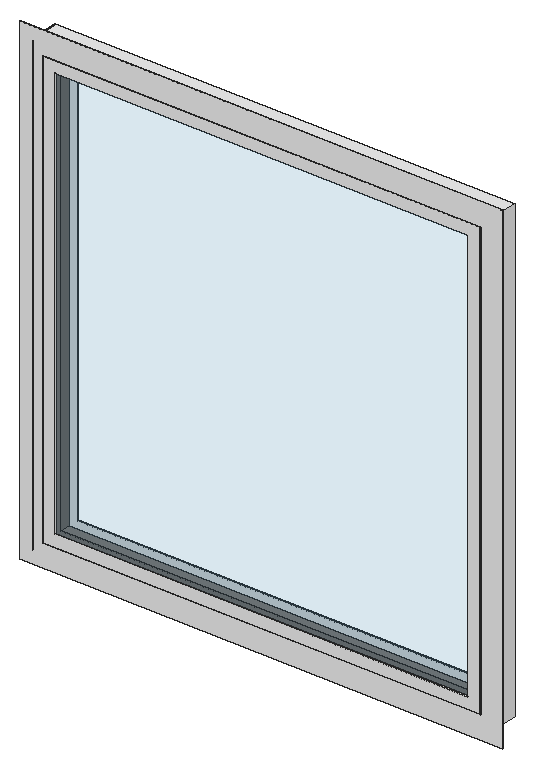
Revit family "Casement_30.5_E_Side_Hung_Custom", category Windows, host Wall, Revit 2014
Parameters (values of type "Casement_Sash_DG")
  Width Sash [instance] = 30 mm
  Width Sash Inner = 15 mm
  Width Bead = 15 mm
  Top Hung [instance] = yes
  Side Hung Right [instance] = yes
  Side Hung Left [instance] = yes
  Sash Opening Width [instance] = 600 mm
  Sash Opening Height [instance] = 600.312 mm
  Sash Lip = 15 mm
  Glazing Material [instance] = Glass
  DG Start Piece 2 [instance] = DG End Piece 1 + DG Gasket Thickness  # 25 mm
  DG Start Peice 1 [instance] = (Depth Sash - (2 * DG Glazing Thickness) - DG Gasket Thickness) / 2  # 6.6 mm
  Glazing Offset = 5 mm
  DG Glazing Thickness [instance] = 6.4 mm
  DG Gasket Thickness = 12 mm  # constant formula
  DG Gasket Material [instance] = Double Glazing Gasket Material
  DG End Piece 2 [instance] = DG Start Piece 2 + DG Glazing Thickness  # 31.4 mm
  DG End Piece 1 [instance] = DG Start Peice 1 + DG Glazing Thickness  # 13 mm
  Depth Sash [instance] = 38 mm
  Center Vertical Sash [instance] = Sash Opening Height / 2  # 300.156 mm
  Center Horizontal Sash [instance] = Sash Opening Width / 2  # 300 mm
  Bottom Hung [instance] = yes
  Bead Offset = 15 mm
  Aluminium Thickness = 1 mm
  Aluminium Material [instance] = White Powder Coated Aluminium
Reference planes
  plane 1 "Center (Front/Back)": y = 0
  plane 2: z = 0
  plane 3 "Center (Left/Right)": x = 0
Forms (mm)
  Sweep 1, solid, material "White Powder Coated Aluminium" <- "Aluminium Material"
    path origin (16.177, 0, 121.331) x (1, 0, 0) y (0, 0, 1)
      loop
        line (0, 0) -> (600, 0) -> (600, 600.312) -> (0, 600.312) -> (0, 0)
    profile origin (316.177, 0, 121.331) x (0, 0, 1) y (0, -1, 0)
      loop
        line (0, 0) -> (30, 0) -> (30, 1) -> (15, 1) -> (15, 38) -> (-15, 38) -> (-15, 37) -> (0, 37) -> (0, 0)
      loop
        line (14, 1) -> (14, 37) -> (1, 37) -> (1, 1) -> (14, 1)
  Sweep 2, solid, material "White Powder Coated Aluminium" <- "Aluminium Material"
    path origin (0, 0, 0) x (1, 0, 0) y (0, 0, 1)
      loop
        line (31.177, 706.643) -> (31.177, 136.331) -> (601.177, 136.331) -> (601.177, 706.643) -> (31.177, 706.643)
    profile origin (316.177, 0, 706.643) x (0, 0, 1) y (0, -1, 0)
      loop
        line (0, 37) -> (0, 38) -> (-15, 38) -> (-15, 37) -> (0, 37)
  Extrusion 3, solid, material "Glass" <- "Glazing Material"
    sketch origin (0, 0, 0) x (1, 0, 0) y (0, 0, 1)
      loop
        line (36.177, 701.643) -> (36.177, 141.331) -> (596.177, 141.331) -> (596.177, 701.643) -> (36.177, 701.643)
    from 6.6 <- "DG Start Peice 1" to 13 <- "DG End Piece 1"
  Extrusion 4, solid, material "Glass" <- "Glazing Material"
    sketch origin (0, 0, 0) x (1, 0, 0) y (0, 0, 1)
      loop
        line (36.177, 701.643) -> (36.177, 141.331) -> (596.177, 141.331) -> (596.177, 701.643) -> (36.177, 701.643)
    from 31.4 <- "DG End Piece 2" to 25 <- "DG Start Piece 2"
  Sweep 5, solid, material "Double Glazing Gasket Material" <- "DG Gasket Material"
    path origin (0, -13, 0) x (1, 0, 0) y (0, 0, 1)
      loop
        line (36.177, 701.643) -> (36.177, 141.331) -> (596.177, 141.331) -> (596.177, 701.643) -> (36.177, 701.643)
    profile origin (316.177, -13, 701.643) x (0, 0, 1) y (0, -1, 0)
      loop
        line (0, 0) -> (0, 12) -> (-7.96, 12) -> (-7.96, 0) -> (0, 0)
Lines and regions (mm)
  model lines
    curve 1: line (1.177, -38, 736.643) -> (31.177, -38, 706.643)
    curve 2: line (601.177, -38, 706.643) -> (631.177, -38, 736.643)
    curve 3: line (601.177, -38, 136.331) -> (631.177, -38, 106.331)
    curve 4: line (1.177, -38, 106.331) -> (31.177, -38, 136.331)
    curve 5: line (631.177, -37, 736.643) -> (616.177, -37, 721.643)
    curve 6: line (1.177, -37, 736.643) -> (16.177, -37, 721.643)
    curve 7: line (1.177, -37, 106.331) -> (16.177, -37, 121.331)
    curve 8: line (631.177, -37, 106.331) -> (616.177, -37, 121.331)
    curve 9: line (616.177, 0, 121.331) -> (586.177, 0, 151.331)
    curve 10: line (46.177, 0, 151.331) -> (16.177, 0, 121.331)
    curve 11: line (616.177, 0, 721.643) -> (586.177, 0, 691.643)
    curve 12: line (46.177, 0, 691.643) -> (16.177, 0, 721.643)
    curve 13: line (31.177, -38, 691.643) -> (46.177, -38, 691.643)
    curve 14: line (586.177, -38, 691.643) -> (601.177, -38, 691.643)
    curve 15: line (586.177, -38, 151.331) -> (601.177, -38, 151.331)
    curve 16: line (31.177, -38, 151.331) -> (46.177, -38, 151.331)
  model lines, style "GenericModelHiddenLines", visible <- "Top Hung"
    curve 17: line (46.386, -31.4, 690.914) -> (316.177, -31.4, 151.331)
    curve 18: line (316.177, -31.4, 151.331) -> (586.177, -31.4, 691.331)
  model lines, style "GenericModelHiddenLines", visible <- "Bottom Hung"
    curve 19: line (46.177, -31.4, 151.331) -> (316.177, -31.4, 691.331)
    curve 20: line (316.177, -31.4, 691.331) -> (586.177, -31.4, 151.331)
  model lines, style "GenericModelHiddenLines", visible <- "Side Hung Left"
    curve 21: line (46.386, -31.4, 690.914) -> (585.24, -31.4, 421.487)
    curve 22: line (585.24, -31.4, 421.487) -> (46.177, -31.4, 151.331)
  model lines, style "GenericModelHiddenLines", visible <- "Side Hung Right"
    curve 23: line (586.177, -31.4, 691.331) -> (46.177, -31.4, 421.487)
    curve 24: line (46.177, -31.4, 421.487) -> (586.177, -31.4, 151.331)
Dimensions and locks
  "Aluminium Thickness": Sweep 1 sketch curve to Sweep 1 sketch curve  (x4)
  "Depth Sash": Sweep 1 sketch curve to Sweep 1 sketch curve
  "Sash Opening Width": Sweep 1 to Sweep 1
  "Sash Opening Height": Sweep 1 to Sweep 1
  "Width Sash": Sweep 1 sketch curve to Sweep 1 sketch curve  (x2)
  "Width Sash Inner": Sweep 1 sketch curve to Sweep 1 sketch curve
  "Sash Lip": Sweep 1 sketch curve to Sweep 1 sketch curve
  "Aluminium Thickness": Sweep 1 to Sweep 2 sketch curve
  "Glazing Offset": Sweep 2 to Extrusion 3 sketch curve  (x3)
  "Glazing Offset": Extrusion 3 sketch curve to Sweep 2
  Sweep 1 to Sweep 1 = 1 mm
  "Aluminium Thickness": Sweep 2 sketch curve to Sweep 2 sketch curve
  "Width Bead": Sweep 2 sketch curve to Sweep 2 sketch curve
  locked: Sweep 5 sketch curve to Sweep 5 sketch curve at 7.96
  "Center Horizontal Sash": Sweep 1 to curve 18
  "Center Horizontal Sash": Sweep 1 to curve 20
  "Center Vertical Sash": Sweep 1 to curve 22
  "Center Vertical Sash": Sweep 1 to curve 24
  aligned and locked: level to plane 2
  aligned and locked: Sweep 1 sketch curve to Sweep 1 sketch curve  (x2)
  aligned and locked: Sweep 2 sketch curve to Sweep 1  (x5)
  aligned and locked: Extrusion 4 sketch curve to Extrusion 3  (x4)
  aligned and locked: Sweep 5 sketch curve to Extrusion 3  (x5)
  aligned and locked: Extrusion 3 to Sweep 5 sketch curve
Automatic sketch dimensions
  plane 3 "Center (Left/Right)" to Sweep 1 sketch curve = 16.177 mm
  level to Sweep 1 sketch curve = 121.331 mm
  plane 3 "Center (Left/Right)" to Sweep 1 sketch curve = 616.177 mm
  level to Sweep 1 sketch curve = 721.643 mm
  profile plane to Sweep 5 sketch curve = 12 mm
  curve 7 to Sweep 1 = 0 mm  (x4)
  curve 6 to Sweep 1 = 0 mm  (x3)
  Sweep 1 to curve 6 = 0 mm
  curve 5 to Sweep 1 = 0 mm  (x3)
  curve 8 to Sweep 1 = 0 mm  (x4)
  Sweep 1 to curve 5 = 0 mm
  curve 16 to Sweep 2 = 0 mm  (x3)
  curve 13 to Sweep 2 = 0 mm  (x3)
  curve 15 to Sweep 2 = 0 mm
  Sweep 2 to curve 15 = 0 mm  (x2)
  curve 14 to Sweep 2 = 0 mm  (x2)
  Sweep 2 to curve 14 = 0 mm
  curve 1 to Sweep 1 = 0 mm  (x4)
  curve 4 to Sweep 1 = 0 mm  (x3)
  Sweep 1 to curve 4 = 0 mm
  curve 3 to Sweep 1 = 0 mm  (x3)
  curve 2 to Sweep 1 = 0 mm  (x4)
  Sweep 1 to curve 3 = 0 mm
  curve 10 to Sweep 1 = 0 mm  (x4)
  curve 12 to Sweep 1 = 0 mm  (x3)
  Sweep 1 to curve 12 = 0 mm
  curve 9 to Sweep 1 = 0 mm  (x4)
  curve 11 to Sweep 1 = 0 mm  (x3)
  Sweep 1 to curve 11 = 0 mm
  Sweep 1 sketch curve to plane 1 "Center (Front/Back)" = 0 mm
  profile plane to Sweep 1 sketch curve = 0 mm
  curve 21 to Extrusion 4 = 10.208 mm
  curve 19 to Extrusion 4 = 10 mm
  curve 23 to Extrusion 4 = 10 mm  (x2)
  curve 22 to Extrusion 4 = 10.937 mm
  curve 20 to Extrusion 4 = 10 mm
  curve 24 to Extrusion 4 = 10 mm
  curve 22 to Extrusion 4 = 10 mm
  curve 18 to Extrusion 4 = 10 mm
  curve 21 to Extrusion 4 = 10.729 mm
  curve 19 to Extrusion 4 = 10.312 mm
  curve 18 to Extrusion 4 = 10.312 mm
